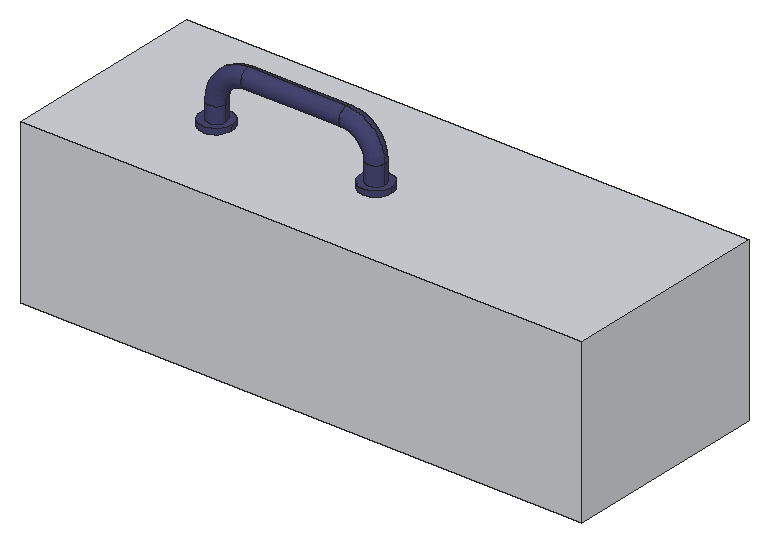
Revit family "ASH_Contour21_Multiproduct_BIM_GB_S6450;S6452;S6453;S6454;S6455", category Plumbing Fixtures, host Face, Revit 2014
Parameters (values of type "S645036 - 300 x 350mm - Blue")
  WaterEfficientProduct = no
  WarrantyStartDate [instance] = "1900-12-31T23:59:59"
  WarrantyGuarantorParts = "Productinfo@thebluebook.co.uk"
  WarrantyGuarantorLabor = "n/a"
  WarrantyDurationUnit = "year"
  WarrantyDurationParts = "5"
  WarrantyDurationLabor = "n/a"
  WarrantyDescription = "Manufacturers Warranty"
  WRAS = no
  WFU = 0
  VolumeUnits = "Litres"
  Version = "1"
  Uniclass2015Version = "Products v1.1"
  Uniclass2015Reference = "Pr_40_20_76_84"
  Uniclass2015Description = "Support Rails"
  Uniclass2 = "n/a"
  URL = "www.idealspec.co.uk"
  Type Comments = "n/a"
  TagNumber [instance] = "n/a"
  TMV3 = no
  SustainabilityPerformance = "n/a"
  SpareParts = "www.fastpart-spares.co.uk"
  Space = "Internal"
  Size = "35 x 300 x 100 mm"
  Shape = "Sculptured"
  SerialNumber [instance] = "n/a"
  Revision = "n/a"
  ReplacementCost = "n/a"
  Reference = "n/a"
  ProductInformation = "www.idealspec.co.uk/assets/datasheet/S645036"
  Phone = "01543 490 253"
  NominalWidth = 100 mm
  NominalLength = 300 mm
  NominalHeight = 35 mm
  NettWeight = "0.62 Kg"
  Name = "GrabRails_Contour21_S645036_ArmitageShanks"
  NBSTypeID = "n/a"
  NBSReference = "45-35-70/360"
  NBSOfficeMasterTag = "n/a"
  NBSNote = "n/a"
  NBSDescription = "Support rails"
  NBSCertification = "n/a"
  ModelReference = Description  # "300 x 350mm, blue"
  ModelNumber = Model  # "S645036"
  Model = "S645036"
  Material = "Brass"
  ManufacturerURL = "www.idealspec.co.uk"
  Manufacturer = "Productinfo@thebluebook.co.uk"
  LinearUnits = "millimeters"
  InstallationInstructions = "www.idealspec.co.uk/resources.html"
  InstallationDate [instance] = "1900-12-31T23:59:59"
  IfcExportType = "FAUCET"
  IfcExportAs = "IfcValveType"
  Help = "www.idealspec.co.uk/contact-us.html"
  HWFU = 0
  GrossWeight = "n/a"
  Grade = "n/a"
  FinishMtl = ASH_ArmitageShanks_Brassware_Blue_36_Render
  Finish = "Blue"
  Features = "300 x 350mm, blue"
  ExpectedLife = "30"
  ECA = no
  DurationUnit = "year"
  DistributedBy = "n/a"
  Description = "300 x 350mm, blue"
  Default Elevation = 0 mm
  CurrencyUnit = "n/a"
  CreatedOn = "2016-08-04"
  Cost = 0
  Constituents = "n/a"
  ConnectionType = "Plumbing"
  Color = "Blue"
  CodePerformance = "n/a"
  Category = "n/a"
  CWFU = 0
  Brand = "Armitage Shanks"
  BarCode = "5017830384854"
  BREEAMApproved = no
  BIMObjectName = "ASH_ArmitageShanks_GrabRails_Contour21_S645036"
  Author = "Ideal Standard (UK) Ltd"
  AssetType = "Fixed"
  AssetIdentifier [instance] = "n/a"
  Assembly Code = "C1030200"
  AreaUnits = "millimeters"
  AreaMeasurement = "n/a"
  Accessories = "www.idealspec.co.uk"
  AccessibilityPerformance = "Doc M"
Types (25, lengths in mm): name | WRAS | TMV3 | Size | ProductInformation | NominalLength | NettWeight | Name | ModelReference | ModelNumber | Model | FinishMtl | Finish | Features | Description | Color | BarCode | BIMObjectName
  S645036 - 300 x 350mm - Blue | no | no | "35 x 300 x 100 mm" | "www.idealspec.co.uk/assets/datasheet/S645036" | 300 | "0.62 Kg" | "GrabRails_Contour21_S645036_ArmitageShanks" | "300 x 350mm, blue" | "S645036" | "S645036" | ASH_ArmitageShanks_Brassware_Blue_36_Render | "Blue" | "300 x 350mm, blue" | "300 x 350mm, blue" | "Blue" | "5017830384854" | "ASH_ArmitageShanks_GrabRails_Contour21_S645036"
  S645236 - Contour21 450 x 350mm - Blue | yes | yes | "35 x 400 x 100 mm" | "www.idealspec.co.uk/assets/datasheet/S645236" | 400 | "0.62 Kg" | "GrabRails_Contour21_S645236_ArmitageShanks" | "Contour21 450 x 350mm, blue" | "S645236" | "S645236" | ASH_ArmitageShanks_Brassware_Blue_36_Render | "Blue" | "450 x 350mm, blue" | "Contour21 450 x 350mm, blue" | "Blue" | "5017830384861" | "ASH_ArmitageShanks_GrabRails_Contour21_S645236"
  S645336 - Contour21 500 x 350mm - Blue | yes | yes | "35 x 500 x 100 mm" | "www.idealspec.co.uk/assets/datasheet/S645336" | 500 | "0.62 Kg" | "GrabRails_Contour21_S645336_ArmitageShanks" | "Contour21 500 x 350mm, blue" | "S645336" | "S645336" | ASH_ArmitageShanks_Brassware_Blue_36_Render | "Blue" | "500 x 350mm, blue" | "Contour21 500 x 350mm, blue" | "Blue" | "5017830384878" | "ASH_ArmitageShanks_GrabRails_Contour21_S645336"
  S645436 - Contour21 600 x 350mm - Blue | yes | yes | "35 x 600 x 100 mm" | "www.idealspec.co.uk/assets/datasheet/S645436" | 600 | "0.62 Kg" | "GrabRails_Contour21_S645436_ArmitageShanks" | "Contour21 600 x 350mm, blue" | "S645436" | "S645436" | ASH_ArmitageShanks_Brassware_Blue_36_Render | "Blue" | "600 x 350mm, blue" | "Contour21 600 x 350mm, blue" | "Blue" | "5017830384885" | "ASH_ArmitageShanks_GrabRails_Contour21_S645436"
  S645536 - Contour21 700 x 350mm - Blue | yes | yes | "35 x 700 x 100 mm" | "www.idealspec.co.uk/assets/datasheet/S645536" | 700 | "0.62 Kg" | "GrabRails_Contour21_S645536_ArmitageShanks" | "Contour21 700 x 350mm, blue" | "S645536" | "S645536" | ASH_ArmitageShanks_Brassware_Blue_36_Render | "Blue" | "700 x 350mm, blue" | "Contour21 700 x 350mm, blue" | "Blue" | "5017830384892" | "ASH_ArmitageShanks_GrabRails_Contour21_S645536"
  S6450AC - 300 x 350mm - White | yes | yes | "35 x 300 x 100 mm" | "www.idealspec.co.uk/assets/datasheet/S6450AC" | 300 | "0.62 Kg" | "GrabRails_Contour21_S6450AC_ArmitageShanks" | "300 x 350mm, white" | "S6450AC" | "S6450AC" | ASH_ArmitageShanks_Brassware_White_AC_Render | "White" | "300 x 350mm, white" | "300 x 350mm, white" | "White" | "5017830383734" | "ASH_ArmitageShanks_GrabRails_Contour21_S6450AC"
  S6450LJ - 300 x 350mm - Grey | yes | yes | "35 x 300 x 100 mm" | "www.idealspec.co.uk/assets/datasheet/S6450LJ" | 300 | "0.62 Kg" | "GrabRails_Contour21_S6450LJ_ArmitageShanks" | "300 x 350mm, grey" | "S6450LJ" | "S6450LJ" | ASH_ArmitageShanks_Brassware_Grey_LJ_Render | "Grey" | "300 x 350mm, grey" | "300 x 350mm, grey" | "Grey" | "5017830384533" | "ASH_ArmitageShanks_GrabRails_Contour21_S6450LJ"
  S6450MY - 300 x 350mm - Stainless Steel | yes | yes | "35 x 300 x 100 mm" | "www.idealspec.co.uk/assets/datasheet/S6450MY" | 300 | "0.62 Kg" | "GrabRails_Contour21_S6450MY_ArmitageShanks" | "300 x 350mm, stainless steel" | "S6450MY" | "S6450MY" | ASH_ArmitageShanks_Brassware_Steel_MY_Render | "Steel" | "300 x 350mm, stainless steel" | "300 x 350mm, stainless steel" | "Steel" | "5017830384212" | "ASH_ArmitageShanks_GrabRails_Contour21_S6450MY"
  S6450RN - 300 x 350mm - Charcoal | yes | yes | "35 x 300 x 100 mm" | "www.idealspec.co.uk/assets/datasheet/S6450RN" | 300 | "0.62 Kg" | "GrabRails_Contour21_S6450RN_ArmitageShanks" | "300 x 350mm, charcoal" | "S6450RN" | "S6450RN" | ASH_ArmitageShanks_Brassware_Charcoal_RN_Render | "Charcoal" | "300 x 350mm, charcoal" | "300 x 350mm, charcoal" | "Charcoal" | "5017830388395" | "ASH_ArmitageShanks_GrabRails_Contour21_S6450RN"
  S6452AC - Contour21 450 x 350mm - White | yes | yes | "35 x 400 x 100 mm" | "www.idealspec.co.uk/assets/datasheet/S6452AC" | 400 | "0.62 Kg" | "GrabRails_Contour21_S6452AC_ArmitageShanks" | "Contour21 450 x 350mm, white" | "S6452AC" | "S6452AC" | ASH_ArmitageShanks_Brassware_White_AC_Render | "White" | "450 x 350mm, white" | "Contour21 450 x 350mm, white" | "White" | "5017830383758" | "ASH_ArmitageShanks_GrabRails_Contour21_S6452AC"
  S6452LJ - Contour21 450 x 350mm - Grey | yes | yes | "35 x 400 x 100 mm" | "www.idealspec.co.uk/assets/datasheet/S6452LJ" | 400 | "0.62 Kg" | "GrabRails_Contour21_S6452LJ_ArmitageShanks" | "Contour21 450 x 350mm, grey" | "S6452LJ" | "S6452LJ" | ASH_ArmitageShanks_Brassware_Grey_LJ_Render | "Grey" | "450 x 350mm, grey" | "Contour21 450 x 350mm, grey" | "Grey" | "5017830384540" | "ASH_ArmitageShanks_GrabRails_Contour21_S6452LJ"
  S6452MY - Contour21 450 x 350mm - Stainless Steel | yes | yes | "35 x 400 x 100 mm" | "www.idealspec.co.uk/assets/datasheet/S6452MY" | 400 | "0.62 Kg" | "GrabRails_Contour21_S6452MY_ArmitageShanks" | "Contour21 450 x 350mm, stainless steel" | "S6452MY" | "S6452MY" | ASH_ArmitageShanks_Brassware_Steel_MY_Render | "Steel" | "450 x 350mm, stainless steel" | "Contour21 450 x 350mm, stainless steel" | "Steel" | "5017830384229" | "ASH_ArmitageShanks_GrabRails_Contour21_S6452MY"
  S6452RN - Contour21 450 x 350mm - Charcoal | yes | yes | "35 x 400 x 100 mm" | "www.idealspec.co.uk/assets/datasheet/S6452RN" | 400 | "0.62 Kg" | "GrabRails_Contour21_S6452RN_ArmitageShanks" | "Contour21 450 x 350mm, charcoal" | "S6452RN" | "S6452RN" | ASH_ArmitageShanks_Brassware_Charcoal_RN_Render | "Charcoal" | "450 x 350mm, charcoal" | "Contour21 450 x 350mm, charcoal" | "Charcoal" | "5017830388401" | "ASH_ArmitageShanks_GrabRails_Contour21_S6452RN"
  S6453AC - Contour21 500 x 350mm - White | yes | yes | "35 x 500 x 100 mm" | "www.idealspec.co.uk/assets/datasheet/S6453AC" | 500 | "0.62 Kg" | "GrabRails_Contour21_S6453AC_ArmitageShanks" | "Contour21 500 x 350mm, white" | "S6453AC" | "S6453AC" | ASH_ArmitageShanks_Brassware_White_AC_Render | "White" | "500 x 350mm, white" | "Contour21 500 x 350mm, white" | "White" | "5017830383765" | "ASH_ArmitageShanks_GrabRails_Contour21_S6453AC"
  S6453LJ - Contour21 500 x 350mm - Grey | yes | yes | "35 x 500 x 100 mm" | "www.idealspec.co.uk/assets/datasheet/S6453LJ" | 500 | "0.62 Kg" | "GrabRails_Contour21_S6453LJ_ArmitageShanks" | "Contour21 500 x 350mm, grey" | "S6453LJ" | "S6453LJ" | ASH_ArmitageShanks_Brassware_Grey_LJ_Render | "Grey" | "500 x 350mm, grey" | "Contour21 500 x 350mm, grey" | "Grey" | "5017830384557" | "ASH_ArmitageShanks_GrabRails_Contour21_S6453LJ"
  S6453MY - Contour21 500 x 350mm - Stainless Steel | yes | yes | "35 x 500 x 100 mm" | "www.idealspec.co.uk/assets/datasheet/S6453MY" | 500 | "0.62 Kg" | "GrabRails_Contour21_S6453MY_ArmitageShanks" | "Contour21 500 x 350mm, stainless steel" | "S6453MY" | "S6453MY" | ASH_ArmitageShanks_Brassware_Steel_MY_Render | "Steel" | "500 x 350mm, stainless steel" | "Contour21 500 x 350mm, stainless steel" | "Steel" | "5017830384236" | "ASH_ArmitageShanks_GrabRails_Contour21_S6453MY"
  S6453RN - Contour21 500 x 350mm - Charcoal | yes | yes | "35 x 500 x 100 mm" | "www.idealspec.co.uk/assets/datasheet/S6453RN" | 500 | "0.62 Kg" | "GrabRails_Contour21_S6453RN_ArmitageShanks" | "Contour21 500 x 350mm, charcoal" | "S6453RN" | "S6453RN" | ASH_ArmitageShanks_Brassware_Charcoal_RN_Render | "Charcoal" | "500 x 350mm, charcoal" | "Contour21 500 x 350mm, charcoal" | "Charcoal" | "5017830388418" | "ASH_ArmitageShanks_GrabRails_Contour21_S6453RN"
  S6454AC - Contour21 600 x 350mm - White | yes | yes | "35 x 600 x 100 mm" | "www.idealspec.co.uk/assets/datasheet/S6454AC" | 600 | "2 Kg" | "GrabRails_Contour21_S6454AC_ArmitageShanks" | "Contour21 600 x 350mm, white" | "S6454AC" | "S6454AC" | ASH_ArmitageShanks_Brassware_White_AC_Render | "White" | "600 x 350mm, white" | "Contour21 600 x 350mm, white" | "White" | "5017830383772" | "ASH_ArmitageShanks_GrabRails_Contour21_S6454AC"
  S6454LJ - Contour21 600 x 350mm - Grey | yes | yes | "35 x 600 x 100 mm" | "www.idealspec.co.uk/assets/datasheet/S6454LJ" | 600 | "2 Kg" | "GrabRails_Contour21_S6454LJ_ArmitageShanks" | "Contour21 600 x 350mm, grey" | "S6454LJ" | "S6454LJ" | ASH_ArmitageShanks_Brassware_Grey_LJ_Render | "Grey" | "600 x 350mm, grey" | "Contour21 600 x 350mm, grey" | "Grey" | "5017830384564" | "ASH_ArmitageShanks_GrabRails_Contour21_S6454LJ"
  S6454MY - Contour21 600 x 350mm - Stainless Steel | yes | yes | "35 x 600 x 100 mm" | "www.idealspec.co.uk/assets/datasheet/S6454MY" | 600 | "2 Kg" | "GrabRails_Contour21_S6454MY_ArmitageShanks" | "Contour21 600 x 350mm, stainless steel" | "S6454MY" | "S6454MY" | ASH_ArmitageShanks_Brassware_Steel_MY_Render | "Steel" | "600 x 350mm, stainless steel" | "Contour21 600 x 350mm, stainless steel" | "Steel" | "5017830384243" | "ASH_ArmitageShanks_GrabRails_Contour21_S6454MY"
  S6454RN - Contour21 600 x 350mm - Charcoal | yes | yes | "35 x 600 x 100 mm" | "www.idealspec.co.uk/assets/datasheet/S6454RN" | 600 | "2 Kg" | "GrabRails_Contour21_S6454RN_ArmitageShanks" | "Contour21 600 x 350mm, charcoal" | "S6454RN" | "S6454RN" | ASH_ArmitageShanks_Brassware_Charcoal_RN_Render | "Charcoal" | "600 x 350mm, charcoal" | "Contour21 600 x 350mm, charcoal" | "Charcoal" | "5017830388425" | "ASH_ArmitageShanks_GrabRails_Contour21_S6454RN"
  S6455AC - Contour21 700 x 350mm - White | yes | yes | "35 x 700 x 100 mm" | "www.idealspec.co.uk/assets/datasheet/S6455AC" | 700 | "0.62 Kg" | "GrabRails_Contour21_S6455AC_ArmitageShanks" | "Contour21 700 x 350mm, white" | "S6455AC" | "S6455AC" | ASH_ArmitageShanks_Brassware_White_AC_Render | "White" | "700 x 350mm, white" | "Contour21 700 x 350mm, white" | "White" | "5017830383789" | "ASH_ArmitageShanks_GrabRails_Contour21_S6455AC"
  S6455LJ - Contour21 700 x 350mm - Grey | yes | yes | "35 x 700 x 100 mm" | "www.idealspec.co.uk/assets/datasheet/S6455LJ" | 700 | "0.62 Kg" | "GrabRails_Contour21_S6455LJ_ArmitageShanks" | "Contour21 700 x 350mm, grey" | "S6455LJ" | "S6455LJ" | ASH_ArmitageShanks_Brassware_Grey_LJ_Render | "Grey" | "700 x 350mm, grey" | "Contour21 700 x 350mm, grey" | "Grey" | "5017830384571" | "ASH_ArmitageShanks_GrabRails_Contour21_S6455LJ"
  S6455MY - Contour21 700 x 350mm - Stainless Steel | yes | yes | "35 x 700 x 100 mm" | "www.idealspec.co.uk/assets/datasheet/S6455MY" | 700 | "0.62 Kg" | "GrabRails_Contour21_S6455MY_ArmitageShanks" | "Contour21 700 x 350mm, stainless steel" | "S6455MY" | "S6455MY" | ASH_ArmitageShanks_Brassware_Steel_MY_Render | "Steel" | "700 x 350mm, stainless steel" | "Contour21 700 x 350mm, stainless steel" | "Steel" | "5017830384250" | "ASH_ArmitageShanks_GrabRails_Contour21_S6455MY"
  S6455RN - Contour21 700 x 350mm - Charcoal | yes | yes | "35 x 700 x 100 mm" | "www.idealspec.co.uk/assets/datasheet/S6455RN" | 700 | "0.62 Kg" | "GrabRails_Contour21_S6455RN_ArmitageShanks" | "Contour21 700 x 350mm, charcoal" | "S6455RN" | "S6455RN" | ASH_ArmitageShanks_Brassware_Charcoal_RN_Render | "Charcoal" | "700 x 350mm, charcoal" | "Contour21 700 x 350mm, charcoal" | "Charcoal" | "5017830388432" | "ASH_ArmitageShanks_GrabRails_Contour21_S6455RN"
Reference planes
  plane 1 "Center (Front/Back)": y = 0
  plane 2: z = 0
  plane 3 "Center (Left/Right)": x = 0
  plane 4: y = -35
  plane 5: x = 60
  plane 6: y = -17.5
  plane 7: z = 100
  plane 8: z = 65
  plane 9: x = 360
  plane 10: z = 100
  plane 11: z = 10
  plane 12: x = 330
  plane 13: x = 30
  plane 14: x = 300
Forms (mm)
  Extrusion 1, solid
    sketch origin (-2.122, -192.856, 0) x (1, 0, 0) y (0, 1, 0)
      loop
        line (-197.878, 392.856) -> (-197.878, 0.823) -> (859.559, 0.823) -> (859.559, 392.856) -> (-197.878, 392.856)
    from 0 to -304.8
  Extrusion 2, solid, material "ASH_ArmitageShanks_Brassware_Blue_36_Render" <- "FinishMtl"
    sketch origin (7.498, -192.856, 0) x (1, 0, 0) y (0, 1, 0)
      loop
        circle (22.377, 174.706) r 30
      loop
        circle (322.521, 175.356) r 30
    from 0 to 10
  Sweep 3, solid, material "ASH_ArmitageShanks_Brassware_Blue_36_Render" <- "FinishMtl"
    path origin (-44.044, -17.5, 1219.2) x (-1, 0, 0) y (0, 0, 1)
      loop
        line (-74.044, -1209.2) -> (-74.044, -1179.2)
        arc (-74.044, -1179.2) -> (-91.617, -1136.774) -> (-134.044, -1119.2) r 60
        line (-134.044, -1119.2) -> (-319.044, -1119.2)
        arc (-319.044, -1119.2) -> (-357.935, -1135.309) -> (-374.044, -1174.2) r 55
        line (-374.044, -1174.2) -> (-374.044, -1209.2)
    profile origin (30, -17.5, 25) x (1, 0, 0) y (0, 1, 0)
      loop
        circle (0, 0) r 17.5
Dimensions and locks
  locked: plane 1 "Center (Front/Back)" to plane 4 at 35
  plane 3 "Center (Left/Right)" to plane 5 = 60 mm
  locked: plane 14 to plane 9 at 60
  equal spacing: plane 14, plane 12, plane 9
  equal spacing: plane 3 "Center (Left/Right)", plane 13, plane 5
  "NominalLength": plane 12 to plane 13
  "NominalWidth": plane 10 to level
  aligned and locked: plane 2 to Extrusion 1
  aligned and locked: level to Extrusion 1
  aligned and locked: plane 11 to Extrusion 2
  aligned and locked: Extrusion 2 to level
  aligned and locked: Sweep 3 sketch curve to plane 12
  aligned and locked: Sweep 3 sketch curve to plane 13
  aligned and locked: plane 7 to Sweep 3 sketch curve
Automatic sketch dimensions
  Extrusion 1 sketch curve to Extrusion 1 sketch curve = 1057.437 mm
  Extrusion 1 sketch curve to Extrusion 1 sketch curve = 392.033 mm
  Extrusion 2 sketch curve to plane 6 = 0 mm
  Extrusion 2 sketch curve to plane 13 = 0.125 mm
  Extrusion 2 sketch curve to plane 12 = 0.019 mm
  Extrusion 2 sketch curve to plane 6 = 0.65 mm
  Sweep 3 sketch curve to plane 11 = 0 mm  (x2)
  plane 14 to Sweep 3 sketch curve = 25 mm
  Sweep 3 sketch curve to plane 8 = 25 mm
  Sweep 3 sketch curve to plane 6 = 0 mm
  Sweep 3 sketch curve to profile plane = 0 mm
  radius of Extrusion 2 sketch curve = 30 mm  (x2)
  radius of Sweep 3 sketch curve = 17.5 mm
